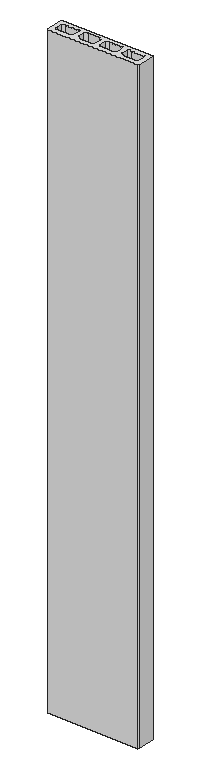
Revit family "ECP_MNLK-6030S3K", category Generic Models, Revit 2022
Family settings
  Can host rebar = No
  Round Connector Dimension = Use Diameter
  Part Type = Normal
  Work Plane-Based = No
  Always vertical = Yes
  Cut with Voids When Loaded = Yes
  Maintain Annotation Orientation = No
  Shared = No
  Room Calculation Point = No
Parameters (values of type "ECP_MNLK-6030S3K")
  長さ [instance] = 2000 mm
  穴表示 = yes
  材質 = 40Msr_ECP
  Default Elevation = 0 mm
  既存長さ = 310 mm
  幅 [instance] = 300 mm
  固定寸法 = 300 mm
  厚さ = 60 mm
  メースカット非表示 = yes
  メースカット [instance] = 既存長さ - 幅 - 10 mm  # 0 mm
  オースカット非表示 = no
  オースカット = 0 mm
Reference planes
  plane 1 "中心(正面/背面)": y = 0
  plane 2: z = 0
  plane 3 "中心(左/右)": x = 0
  plane 4: y = -30
  plane 5: y = 30
  plane 6: z = 2000
  plane 7: x = 300
Forms (mm)
  Extrusion 1, solid, material "40Msr_ECP" <- "材質", detail levels fine
    sketch origin (0, 0, 0) x (1, 0, 0) y (0, 1, 0)
      loop
        line (0, -28) -> (2, -30) -> (298, -30) -> (300, -28) -> (300, 28) -> (298, 30) -> (2, 30) -> (0, 28) -> (0, -28)
    from 0 to 2000
  Extrusion 2, void
    sketch origin (-50, 0, 0) x (1, 0, 0) y (0, 1, 0)
      loop
        line (350, -30) -> (360, -30) -> (360, 30) -> (350, 30) -> (350, -30)
    from 0 to 2000
  Extrusion 3, void
    sketch origin (-617, 0, 0) x (1, 0, 0) y (0, 1, 0)
      loop
        line (639, -17) -> (681, -17) -> (689, -9) -> (689, 9)
        arc (689, 9) -> (686.657, 14.657) -> (681, 17) r 8
        line (681, 17) -> (639, 17)
        arc (639, 17) -> (633.343, 14.657) -> (631, 9) r 8
        line (631, 9) -> (631, -9)
        arc (631, -9) -> (633.343, -14.657) -> (639, -17) r 8
      loop
        line (711, -17) -> (752, -17)
        arc (752, -17) -> (757.657, -14.657) -> (760, -9) r 8
        line (760, -9) -> (760, 9) -> (752, 17) -> (711, 17)
        arc (711, 17) -> (705.343, 14.657) -> (703, 9) r 8
        line (703, 9) -> (703, -9) -> (711, -17)
      loop
        line (782, -17) -> (823, -17) -> (831, -9) -> (831, 9)
        arc (831, 9) -> (828.657, 14.657) -> (823, 17) r 8
        line (823, 17) -> (782, 17) -> (774, 9) -> (774, -9)
        arc (774, -9) -> (776.343, -14.657) -> (782, -17) r 8
      loop
        line (853, -17) -> (895, -17)
        arc (895, -17) -> (900.657, -14.657) -> (903, -9) r 8
        line (903, -9) -> (903, 9)
        arc (903, 9) -> (900.657, 14.657) -> (895, 17) r 8
        line (895, 17) -> (853, 17)
        arc (853, 17) -> (847.343, 14.657) -> (845, 9) r 8
        line (845, 9) -> (845, -9) -> (853, -17)
    from 0 to 2000
Cuts and joins
  Extrusion 2, Extrusion 3 cuts Extrusion 1
Lines and regions (mm)
  symbolic lines, style "ECPパネル", detail levels coarse+medium
    curve 1: line (0, 30, 0) -> (300, 30, 0)
    curve 2: line (0, -30, 0) -> (0, 30, 0)
    curve 3: line (300, -30, 0) -> (0, -30, 0)
    curve 4: line (300, 30, 0) -> (300, -30, 0)
    curve 5: line (0, 0, 0) -> (300, 0, 0)
    curve 6: line (0, 0, 2000) -> (0, 0, 0)
    curve 7: line (300, 0, 2000) -> (0, 0, 2000)
    curve 8: line (300, 0, 0) -> (300, 0, 2000)
    curve 9: line (0, -30, 2000) -> (0, 30, 2000)
    curve 10: line (0, -30, 0) -> (0, -30, 2000)
    curve 11: line (0, 30, 0) -> (0, -30, 0)
    curve 12: line (0, 30, 2000) -> (0, 30, 0)
  model lines, detail levels coarse+medium
    curve 13: line (0, 8, 0) -> (0, -8, 0)
Dimensions and locks
  "厚さ": plane 4 to plane 5
  "長さ": plane 6 to level
  equal spacing: plane 4, plane 1 "中心(正面/背面)", plane 5
  "既存長さ": plane 3 "中心(左/右)" to Extrusion 2
  "既存長さ": plane 3 "中心(左/右)" to Extrusion 2 sketch curve
  "長さ": cut or joined group of Extrusion 1, Extrusion 2, Extrusion 3 to level
  "長さ": Extrusion 2 to level
  "幅": cut or joined group of Extrusion 1, Extrusion 2, Extrusion 3 to curve 8
  "長さ": level to Extrusion 3
  "幅": plane 3 "中心(左/右)" to plane 7
  "メースカット": Extrusion 2 sketch curve to cut or joined group of Extrusion 1, Extrusion 2, Extrusion 3
  "固定寸法": plane 3 "中心(左/右)" to cut or joined group of Extrusion 1, Extrusion 2, Extrusion 3
  aligned and locked: level to plane 2
Automatic sketch dimensions
  curve 11 to level = 0 mm
  curve 11 to plane 4 = 0 mm
  curve 11 to plane 5 = 0 mm
  curve 10 to plane 6 = 0 mm
  curve 7 to plane 3 "中心(左/右)" = 0 mm
  curve 7 to plane 6 = 0 mm
  curve 8 to level = 0 mm
  plane 5 to Extrusion 1 sketch curve = 0 mm
  plane 4 to Extrusion 1 sketch curve = 0 mm
  plane 3 "中心(左/右)" to Extrusion 1 sketch curve = 2 mm  (x2)
  Extrusion 1 sketch curve to Extrusion 1 sketch curve = 2 mm
  Extrusion 1 sketch curve to plane 4 = 2 mm  (x2)
  plane 5 to Extrusion 1 sketch curve = 2 mm  (x2)
  Extrusion 1 sketch curve to plane 3 "中心(左/右)" = 0 mm
  Extrusion 1 sketch curve to Extrusion 1 sketch curve = 296 mm
  Extrusion 1 sketch curve to Extrusion 1 sketch curve = 0 mm
  plane 3 "中心(左/右)" to Extrusion 3 sketch curve = 14 mm
  Extrusion 3 sketch curve to Extrusion 3 sketch curve = 8 mm  (x12)
  Extrusion 3 sketch curve to plane 1 "中心(正面/背面)" = 9 mm  (x6)
  Extrusion 3 sketch curve to Extrusion 3 sketch curve = 42 mm  (x2)
  Extrusion 3 sketch curve to Extrusion 3 sketch curve = 0 mm  (x4)
  plane 1 "中心(正面/背面)" to Extrusion 3 sketch curve = 9 mm  (x6)
  Extrusion 3 sketch curve to Extrusion 3 sketch curve = 14 mm  (x3)
  Extrusion 3 sketch curve to plane 4 = 13 mm  (x2)
  Extrusion 3 sketch curve to Extrusion 3 sketch curve = 41 mm  (x2)
  curve 1 to plane 3 "中心(左/右)" = 0 mm
  curve 13 to plane 3 "中心(左/右)" = 0 mm
  plane 4 to curve 4 = 0 mm
  curve 4 to plane 7 = 0 mm
  plane 5 to curve 1 = 0 mm
  plane 1 "中心(正面/背面)" to curve 13 = 8 mm
  curve 13 to plane 1 "中心(正面/背面)" = 8 mm
  plane 4 to Extrusion 2 sketch curve = 0 mm
  plane 5 to Extrusion 2 sketch curve = 0 mm
